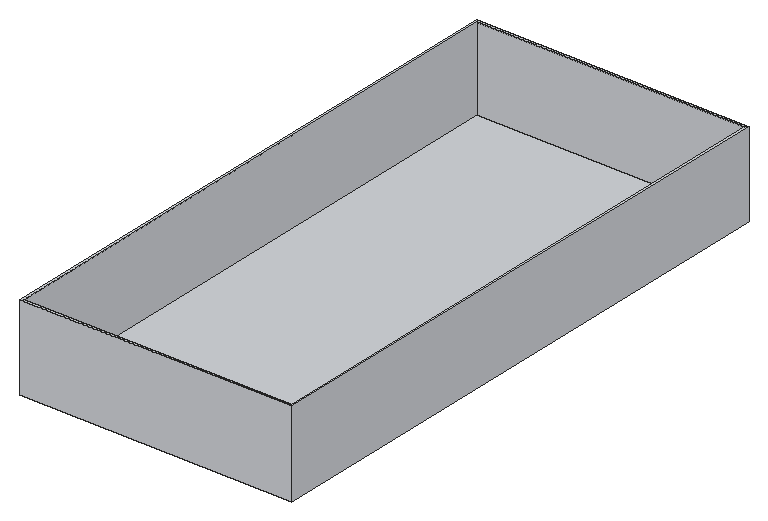
Revit family "Hager-VOLTA-Surface_mounted-IP30-Without_Cover-Without_DIN-Hosted-CH-en", category Electrical Equipment, host Face, Revit 2023
Family settings
  Host = Face
  Panel Configuration = Two Columns, Circuits Across
  Round Connector Dimension = Use Diameter
  Part Type = Panelboard
  Cut with Voids When Loaded = No
  Maintain Annotation Orientation = Yes
  Shared = No
  Room Calculation Point = No
Parameters (values of type "VOLTA-Surface_mounted_W305_H640_D96_12_Modular_Spacing-VA48MD")
  Width Control [instance] = if([HG000006-Flush mounted], if([EF000846 - Built-in width] > min_whd, [EF000846 - Built-in width], min_whd), if([EF000008 - Width] > min_whd, ([EF000008 - Width]), min_whd))  # 305 mm
  Void Depth [instance] = if([HG000006-Flush mounted], Depth Control, 1 mm)  # 1 mm
  Uniformat code = "D501001"
  Uniformat = "Low Tension Service & Dist."
  HG000131 - Functional label [instance] = ""
  HG000130 - Functional name [instance] = ""
  HG000099-Onfly Template ID = "507532"
  Type Comments = ""
  System Height [instance] = Height Control - 2 * [HG000005-Thickness]  # 636 mm
  Reference description = ""
  Reference = "VOLTA-Surface_mounted_W305_H640_D96_12_Modular_Spacing-VA48MD"
  Object type = ""
  Name hager = "ADD_Enclosures_EC000214"
  Name BIM&CO = "Electricity"
  Name = "VOLTA-Surface_mounted-IP30-Without_Cover-Without_DIN-CH"
  Model = ""
  HGEF002950-Width in number of modular spacings = 12
  HGEF000266-Number of rows = 4
  HG000060-RAL-number = "9010"
  HG000059-Operating voltage [instance] = 230 V
  HG000017-Distance between poles = 18 mm
  HG000016-Door 3D visibility = yes
  HG000015-Clearance visibility = yes
  HG000014-Door on the right = yes
  HG000013-Door on the left = not([HG000014-Door on the right])  # no
  HG000012-Door swing angle = 90.00°
  HG000011-Empty rows from bottom = no
  HG000010-Asymmetric doors = no
  HG000009-Double swing door = no
  HG000008-Number of empty rows = 0
  HG000007-Number of empty columns = 0
  HG000006-Flush mounted = no
  HG000005-Thickness = 2 mm
  HG000004-Manufacturer reference = "VA48MD"
  HG000003-Range = "VOLTA"
  HG000002-With door or cover = no
  HG000001-Number of columns = 0
  GTIN (Global Trade Item Number) = ""
  ETIM class name = "Small distribution board"
  ETIM class code = "EC000214"
  EF015941 - Signal passing door = no
  EF015777 - Neutral terminal block = no
  EF015776 - Earthing terminal block = no
  EF009212 - Cover model = "With notch"
  EF006306 - With lock = no
  EF006244 - Transparent cover/door = no
  EF005474 - Degree of protection (IP) = "IP30"
  EF004464 - Type of door = ""
  EF004462 - Type of closure = ""
  EF002950 - Width in number of modular spacings = 12
  EF001596 - Housing material = ""
  EF001134 - DIN-rail = no
  EF001131 - Inner depth = 0 mm
  EF001088 - Extension possible = yes
  EF001062 - EMC-version = no
  EF000846 - Built-in width = 0 mm
  EF000339 - Type of covering = ""
  EF000332 - Built-in height = 0 mm
  EF000266 - Number of rows = 4
  EF000218 - Built-in depth = 0 mm
  EF000118 - With mounting plate = yes
  EF000116 - RAL-number = 9010
  EF000049 - Depth = 96 mm
  EF000040 - Height = 640 mm
  EF000024 - UV resistant = no
  EF000008 - Width = 305 mm
  EF000007 - Colour = "White"
  EF000003 - Mounting method = "Surface mounted"
  Creation Date = "12/15/2025 21:43:52"
  Code hager = "ADD-EC000214_EU"
  BIM&CO code = ""
  BC_VARIANT_ID = "1174158"
  BC_OBJECT_VERSION = "#9"  # constant formula
  BC_OBJECT_ID = "513473"  # constant formula
  BC_MODEL_ID = "1547147"  # constant formula
  Arrow Offset [instance] = Depth Control / 8  # 12 mm
  Arrow Height [instance] = Depth Control - Arrow Offset  # 84 mm
  Host Offset [instance] = if([HG000006-Flush mounted], 0 mm, [EF000049 - Depth])  # 96 mm
  min_whd [instance] = (2 * [HG000005-Thickness]) + 1 mm  # 5 mm
  Manufacturer = "Hager"  # constant formula
  Height Control [instance] = if([HG000006-Flush mounted], if([EF000332 - Built-in height] > min_whd, [EF000332 - Built-in height], min_whd), if([EF000040 - Height] > min_whd, ([EF000040 - Height]), min_whd))  # 640 mm
  Flush Mounted - Door Frame Width [instance] = if(([EF000040 - Height] - [EF000332 - Built-in height]) > 0 mm, if([HG000006-Flush mounted], [EF000040 - Height] - [EF000332 - Built-in height], 0 mm), 0 mm)  # 0 mm
  Depth Control [instance] = if([HG000006-Flush mounted], if([EF000218 - Built-in depth] > 0 mm, [EF000218 - Built-in depth], 1 mm), if([EF000049 - Depth] > 0 mm, ([EF000049 - Depth]), 1 mm))  # 96 mm
  Default Elevation = 0 mm
Reference planes
  plane 1 "Center (Front/Back)": y = 0
  plane 2: z = 0
  plane 3 "Center (Left/Right)": x = 0
  plane 4: z = 96
  plane 5: y = 2
  plane 6: z = 91
  plane 7: y = 320
  plane 8: y = 0
  plane 9: y = 640
  plane 10: z = 0
  plane 11: x = -152.5
  plane 12: x = 152.5
  plane 13: x = 150.5
  plane 14: x = -150.5
  plane 15: y = 638
  plane 16: z = 2
  plane 17: z = 94
  plane 18: z = -1
  plane 19: z = 94
  plane 20 "Annotation H": y = -100
  plane 21 "Annotation V": x = 452.5
Forms (mm)
  Extrusion 1, solid
    sketch origin (-583.045, 0, 1219.2) x (-1, 0, 0) y (0, 0, 1)
      loop
        line (-430.545, -1123.2) -> (-735.545, -1123.2) -> (-735.545, -1219.2) -> (-430.545, -1219.2) -> (-430.545, -1123.2)
    from 0 to 640 <- "Height Control"
  Extrusion 2, void
    sketch origin (-381.607, -4572, 96) x (0, -1, 0) y (-1, 0, 0)
      loop
        line (-5210, -231.107) -> (-5210, -532.107) -> (-4574, -532.107) -> (-4574, -231.107) -> (-5210, -231.107)
    from 0 to 94
  Extrusion 3, void
    sketch origin (0, 0, 0) x (1, 0, 0) y (0, 1, 0)
      loop
        line (-152.5, 0) -> (152.5, 0) -> (152.5, 640) -> (-152.5, 640) -> (-152.5, 0)
    from -1 to 1
  Extrusion 4, solid, detail levels coarse+medium
    sketch origin (-381.607, -4572, 96) x (-1, 0, 0) y (0, -1, 0)
      loop
        line (-231.107, -5210) -> (-231.107, -4574) -> (-532.107, -4574) -> (-532.107, -5210) -> (-231.107, -5210)
    from 0 to -2
Cuts and joins
  Extrusion 2 cuts Extrusion 1
Dimensions and locks
  plane 4 to plane 6 = 5 mm
  "Host Offset": plane 4 to host face
  "Flush Mounted - Door Frame Width": plane 1 "Center (Front/Back)" to plane 8
  "HG000005-Thickness": plane 5 to plane 8
  locked: connector elem to plane 3 "Center (Left/Right)"
  "Height Control": plane 9 to plane 8
  equal spacing: plane 9, plane 7, plane 8
  locked: connector elem to plane 7
  "Depth Control": plane 4 to plane 10
  "HG000005-Thickness": plane 11 to plane 14
  "HG000005-Thickness": plane 12 to plane 13
  equal spacing: plane 11, plane 3 "Center (Left/Right)", plane 12
  "Width Control": plane 11 to plane 12
  "Arrow Offset": nested 4 to plane 10
  "HG000005-Thickness": plane 9 to plane 15
  "HG000005-Thickness": plane 16 to plane 10
  "HG000005-Thickness": plane 4 to plane 17
  "Void Depth": plane 2 to plane 18
  "HG000005-Thickness": plane 4 to plane 19
  locked: plane 20 "Annotation H" to plane 1 "Center (Front/Back)" at 100
  locked: plane 12 to plane 21 "Annotation V" at 300
  aligned and locked: plane 2 to host face
  aligned and locked: level to host face
  aligned and locked: plane 3 "Center (Left/Right)" to nested 2
  aligned and locked: plane 4 to nested 2
  aligned and locked: nested 2 to plane 8
  aligned and locked: nested 1 to plane 6
  aligned and locked: plane 5 to nested 1
  aligned and locked: nested 4 to plane 11
  aligned and locked: nested 3 to plane 4
  aligned and locked: Extrusion 1 sketch curve to plane 12
  aligned and locked: Extrusion 1 sketch curve to plane 11
  aligned and locked: nested 3 to plane 10
  aligned and locked: plane 10 to Extrusion 1 sketch curve
  aligned and locked: plane 5 to Extrusion 2 sketch curve
  aligned and locked: Extrusion 2 sketch curve to plane 15
  aligned and locked: Extrusion 2 sketch curve to plane 14
  aligned and locked: Extrusion 2 sketch curve to plane 13
  aligned and locked: plane 11 to Extrusion 3 sketch curve
  aligned and locked: plane 9 to Extrusion 3 sketch curve
  aligned and locked: Extrusion 3 sketch curve to plane 8
  aligned and locked: plane 12 to Extrusion 3 sketch curve
  aligned and locked: nested 3 to plane 12
  aligned and locked: Extrusion 3 to plane 18
  aligned and locked: Extrusion 2 to plane 16
  aligned and locked: Extrusion 1 sketch curve to plane 4
  aligned and locked: Extrusion 4 to plane 17
  aligned and locked: Extrusion 4 sketch curve to plane 15
  aligned and locked: Extrusion 4 sketch curve to plane 13
  aligned and locked: Extrusion 4 sketch curve to plane 14
  aligned and locked: plane 5 to Extrusion 4 sketch curve
  aligned and locked: nested 5 to plane 21 "Annotation V"
  aligned and locked: plane 20 "Annotation H" to nested 5
Automatic sketch dimensions
  host sketch curve to host sketch curve = 1469.727 mm
  host sketch curve to host sketch curve = 1434.803 mm
Nested families
  nested 1: "Hager_Enclosure_System" at (0, 2, 91) x (1, 0, 0) z (0, 1, 0), Depth <- "HG000005-Thickness", Height <- "System Height", Border <- "HG000005-Thickness", Flush_Mounted <- "HG000006-Flush mounted", Row_Module_Multiplicator <- "HGEF002950-Width in number of modular spacings", Total_No_Empty_Rows <- "HG000008-Number of empty rows", Total_No_Rows <- "HGEF000266-Number of rows", Empty_Columns <- "HG000007-Number of empty columns", Width_Control <- "Width Control", Empty_Rows_From_Bottom <- "HG000011-Empty rows from bottom", Distance_Between_Poles <- "HG000017-Distance between poles", Rows_Count <- "HGEF000266-Number of rows", Columns_Count <- "HG000001-Number of columns", Built-in_Width <- "EF000846 - Built-in width", Width <- "EF000008 - Width", type "Hager_Enclosure_System", detail levels fine
    with Width_Control 305 mm, Width 305 mm, Total_No_Rows 4, Total_No_Empty_Rows 0, Total_No_Columns 1, System_Width 301 mm, Rows_Count 4, Rows_Column 4, Row_Module_Multiplicator 12, Panel_4 no, Panel_3 no, Panel_2 no, Panel_1 no, No_Panels_Ctrl 1, Hide_Columns yes, Height 636 mm, Flush_Mounted no, Empty_Rows_From_Bottom no, Empty_Rows_Column 0, Empty_Columns 0, Empty column 4 0, Empty column 3 0, Empty column 2 0, Empty column 1 0, Distance_Between_Poles 18 mm, Depth 2 mm, Columns_Count 0, Column_Width 301 mm, Built-in_Width 0 mm, Border 2 mm
  nested 2: "Hager_Enclosure_Door" at (0, 0, 96) x (1, 0, 0) z (0, 1, 0), Border <- "HG000005-Thickness", Door_Right <- "HG000014-Door on the right", Flush_Mounted <- "HG000006-Flush mounted", Door_Left <- "HG000013-Door on the left", 3d_Door <- "HG000016-Door 3D visibility", Angle <- "HG000012-Door swing angle", Assymetrical <- "HG000010-Asymmetric doors", Double <- "HG000009-Double swing door", Clearance <- "HG000015-Clearance visibility", Door <- "HG000002-With door or cover", Height_Ctrl <- "Height Control", Width_Ctrl <- "Width Control", BuiltIn_Depth <- "EF000218 - Built-in depth", Depth <- "EF000049 - Depth", BuiltIn_Width <- "EF000846 - Built-in width", Height <- "EF000040 - Height", BuiltIn_Height <- "EF000332 - Built-in height", Width <- "EF000008 - Width", Transparent <- "EF006244 - Transparent cover/door", type "Hager_Enclosure_Door", detail levels medium+fine
    with min_wh 5 mm, Width_Ctrl 305 mm, Width 305 mm, Transparent_Door_No_Bottom_Border no, Transparent no, Leaf_Width 298 mm, Leaf_Tolerance 1.5 mm, Leaf_Height 633 mm, Leaf_2_Width 298 mm, Leaf_2_Offset 149 mm, Leaf_1_Width 298 mm, Leaf_1_Offset 149 mm, Height_Ctrl 640 mm, Height 640 mm, Frame_Width_Ctrl 305 mm, Frame_Width 305 mm, Frame_Internal_Offset 0 mm, Frame_Height_Ctrl 640 mm, Frame_Height 640 mm, Frame_Depth_Ctrl 1 mm, Frame_Depth 0 mm, Flush_Mounted no, Double_Clearance_Ctrl no, Double no, Door_Right_Ctrl no, Door_Right yes, Door_Left_Ctrl no, Door_Left no, Door no, Depth 96 mm, Clearance_Depth 298 mm, Clearance_Ctrl yes, Clearance yes, BuiltIn_Width 0 mm, BuiltIn_Height 0 mm, BuiltIn_Depth 0 mm, Border 2 mm, Assymetrical no, Angle 90.00°, 3d_Door yes
  nested 3: "Hager_Enclosure_Symbol_Triangle" at (-152.5, 0, 0) x (1, 0, 0) z (0, -1, 0), Depth <- "Depth Control", Width <- "Width Control", type "Hager_Enclosure_Symbol_Triangle"
    with Width_Ctrl 305 mm, Width 305 mm, Depth_Ctrl 96 mm, Depth 96 mm
  nested 4: "Hager_Enclosure_Symbol_Arrow" at (-152.5, 0, 12) x (1, 0, 0) z (0, -1, 0), Height <- "Arrow Height", type "Hager_Enclosure_Symbol_Arrow"
    with Width_Inside 6.3 mm, Width 75.6 mm, Height_Ctrl 84 mm, Height 84 mm
  nested 5: "Hager_Annotation-HG000130" at (452.5, -100, 0) x (-1, 0, 0) z (0, 0, 1), HG000130 - Functional name <- "HG000130 - Functional name", type "Hager_Annotation-HG000130"
    with HG000130 - Functional name ""
Connectors
  electrical at (0, 320, 0)
    settings: on plane 10, index 1, voltage 0 V, apparent load 0 VA, apparent load phase1 0 VA, apparent load phase2 0 VA, apparent load phase3 0 VA, power factor 1, load classification "Other", number of poles 1, system type 30, power factor state 1, is connector primary yes, connector utility no, sub classification motor no, connector description ""
Definition of nested family "Hager_Enclosure_Door"
  Parameters (values of type "Hager_Enclosure_Door")
    min_wh [instance] = (2 * Border) + 1 mm  # 11 mm
    Width_Ctrl [instance] = 400 mm
    Width [instance] = 500 mm
    Transparent_Door_No_Bottom_Border [instance] = no
    Transparent [instance] = yes
    Leaf_Width [instance] = if((Width_Ctrl - 2 * Border - 2 * Leaf_Tolerance) > 0 mm, (Width_Ctrl - 2 * Border - 2 * Leaf_Tolerance), min_wh)  # 387 mm
    Leaf_Tolerance [instance] = 1.5 mm  # constant formula
    Leaf_Height [instance] = if((Height_Ctrl - 2 * Border - 2 * Leaf_Tolerance) > 0 mm, (Height_Ctrl - 2 * Border - 2 * Leaf_Tolerance), min_wh)  # 387 mm
    Leaf_2_Width [instance] = if(and(and(Double, Assymetrical), Door_Left), (Leaf_Width / 3) - (Leaf_Tolerance / 2), if(and(and(Double, Assymetrical), Door_Right), (Leaf_Width / 3) * 2 - (Leaf_Tolerance / 2), if(and(Double, not(Assymetrical)), (Leaf_Width / 2) - Leaf_Tolerance, Leaf_Width)))  # 387 mm
    Leaf_2_Offset [instance] = if(and(Double, Assymetrical), Leaf_2_Width / 2, if(and(Double, not(Assymetrical)), Leaf_Width / 4, Leaf_Width / 2))  # 193.5 mm
    Leaf_1_Width [instance] = if(and(and(Double, Assymetrical), Door_Right), (Leaf_Width / 3) - (Leaf_Tolerance / 2), if(and(and(Double, Assymetrical), Door_Left), (Width / 3) * 2 - (Leaf_Tolerance / 2), if(and(Double, not(Assymetrical)), (Leaf_Width / 2) - Leaf_Tolerance, Leaf_Width)))  # 387 mm
    Leaf_1_Offset [instance] = if(and(Double, Assymetrical), Leaf_1_Width / 2, if(and(Double, not(Assymetrical)), Leaf_Width / 4, Leaf_Width / 2))  # 193.5 mm
    Height_Ctrl [instance] = 400 mm
    Height [instance] = 500 mm
    Frame_Width_Ctrl [instance] = if(Frame_Width > 0 mm, Frame_Width, 1 mm)  # 1 mm
    Frame_Width [instance] = Width - BuiltIn_Width  # 0 mm
    Frame_Internal_Offset [instance] = if(Flush_Mounted, Border, 0 mm)  # 5 mm
    Frame_Height_Ctrl [instance] = if(Frame_Height > 0 mm, Frame_Height, 1 mm)  # 1 mm
    Frame_Height [instance] = Height - BuiltIn_Height  # 0 mm
    Frame_Depth_Ctrl [instance] = if(Frame_Depth > 0 mm, Frame_Depth, 1 mm)  # 1 mm
    Frame_Depth [instance] = if(Depth - BuiltIn_Depth > 0 mm, if(Flush_Mounted, Depth - BuiltIn_Depth, 0 mm), 0 mm)  # 0 mm
    Flush_Mounted [instance] = yes
    Double_Clearance_Ctrl [instance] = and(Double, Clearance)  # no
    Double [instance] = no
    Door_Right_Ctrl [instance] = and(or(Door_Right, Double), Door)  # yes
    Door_Right [instance] = yes
    Door_Left_Ctrl [instance] = and(or(Door_Left, Double), Door)  # no
    Door_Left [instance] = no
    Door [instance] = yes
    Depth [instance] = 500 mm
    Default Elevation = 1219.2 mm
    Clearance_Material = none
    Clearance_Depth [instance] = if(Leaf_1_Width > Leaf_2_Width, Leaf_1_Width, Leaf_2_Width)  # 387 mm
    Clearance_Ctrl [instance] = and(not(Double), Clearance)  # yes
    Clearance [instance] = yes
    BuiltIn_Width [instance] = 500 mm
    BuiltIn_Height [instance] = 500 mm
    BuiltIn_Depth [instance] = 500 mm
    Border [instance] = 5 mm
    Assymetrical [instance] = yes
    Angle [instance] = 30.00°
    3d_Door [instance] = yes
  Reference planes
    plane 1 "Center (Front/Back)": y = 0
    plane 2 "Bottom": z = 0
    plane 3 "Center (Left/Right)": x = 0
    plane 4: z = 400
    plane 5: x = -200
    plane 6: x = 200
    plane 7: z = 395
    plane 8: x = -195
    plane 9: z = 5
    plane 10: x = 195
    plane 11: y = 0
    plane 12: z = 6.5
    plane 13: x = -582
    plane 14: y = -387
    plane 15: x = 582
    plane 16: x = 0
    plane 17: x = 0
    plane 18: x = -193.5
    plane 19: x = 193.5
    plane 20: z = 393.5
  Forms (mm)
    Extrusion 1, solid, visible <- "Flush_Mounted"
      sketch origin (0, 0, 0) x (1, 0, 0) y (0, 0, 1)
        loop
          line (195, 5) -> (195, 395) -> (-195, 395) -> (-195, 5) -> (195, 5)
        loop
          line (-201, 401) -> (-201, -1) -> (201, -1) -> (201, 401) -> (-201, 401)
      from 0 to 1 <- "Frame_Depth_Ctrl"
    Extrusion 2, solid, material <- "Clearance_Material", visible <- "Double_Clearance_Ctrl"
      sketch origin (1200, 0, 0) x (1, 0, 0) y (0, 0, -1)
        loop
          line (-1782, -393.5) -> (-618, -393.5) -> (-618, 0) -> (-1782, 0) -> (-1782, -393.5)
      from 0 to -387
  Dimensions and locks
    equal spacing: plane 5, plane 3 "Center (Left/Right)", plane 6
    "Width_Ctrl": plane 5 to plane 6
    "Border": plane 5 to plane 8
    "Border": plane 6 to plane 10
    "Border": plane 9 to level
    "Border": plane 4 to plane 7
    "Height_Ctrl": plane 4 to level
    "Leaf_Tolerance": plane 12 to plane 9
    "Frame_Depth": plane 11 to plane 1 "Center (Front/Back)"
    "Frame_Width_Ctrl": plane 5 to Extrusion 1 sketch curve
    "Frame_Width_Ctrl": plane 6 to Extrusion 1 sketch curve
    "Frame_Width_Ctrl": Extrusion 1 sketch curve to plane 4
    "Frame_Width_Ctrl": plane 2 "Bottom" to Extrusion 1 sketch curve
    "Leaf_1_Offset": plane 18 to plane 16
    "Leaf_2_Offset": plane 17 to plane 19
    "Leaf_1_Width": plane 13 to plane 8
    "Leaf_2_Width": plane 10 to plane 15
    "Clearance_Depth": plane 14 to plane 1 "Center (Front/Back)"
    "Leaf_Tolerance": plane 8 to plane 18
    "Leaf_Tolerance": plane 19 to plane 10
    "Leaf_Tolerance": plane 7 to plane 20
    "Frame_Internal_Offset": plane 5 to Extrusion 1 sketch curve
    "Frame_Internal_Offset": Extrusion 1 sketch curve to plane 2 "Bottom"
    "Frame_Internal_Offset": plane 6 to Extrusion 1 sketch curve
    "Frame_Internal_Offset": plane 4 to Extrusion 1 sketch curve
    aligned and locked: level to plane 2 "Bottom"
    aligned and locked: nested 1 to plane 16
    aligned and locked: nested 2 to plane 17
    aligned and locked: Extrusion 2 to plane 13
    aligned and locked: plane 15 to Extrusion 2
    aligned and locked: Extrusion 2 to plane 14
    aligned and locked: plane 12 to nested 1
    aligned and locked: nested 2 to plane 12
    aligned and locked: Extrusion 2 to plane 11
    aligned and locked: plane 20 to Extrusion 2
    aligned and locked: nested 2 to plane 11
    aligned and locked: nested 1 to plane 11
  Automatic sketch dimensions
    Extrusion 2 sketch curve to level = 0 mm
    plane 5 to Extrusion 2 sketch curve = 382 mm
    plane 6 to Extrusion 2 sketch curve = 382 mm
    Extrusion 2 sketch curve to plane 4 = 6.5 mm
  Nested families
    nested 1: "Hager_Enclosure_Door_Leaf" at (0, 0, 6.5), Width <- "Leaf_1_Width", visible <- "Door_Left_Ctrl", Leaf_Height <- "Leaf_Height", Angle <- "Angle", Depth <- "Border", 3d_Door <- "3d_Door", Transparent <- "Transparent", Clearance Material <- "Clearance_Material", Clearance <- "Clearance_Ctrl", Transparent_Door_No_Bottom_Border <- "Transparent_Door_No_Bottom_Border", type "Hager_Enclosure_Door_Leaf"
      with Width 387 mm, Transparent_Door_No_Bottom_Border no, Transparent_Door_Border_Bottom_Top 25 mm, Transparent_Door_Border 25 mm, Transparent_Ctrl yes, Transparent yes, Standard no, Leaf_Height 387 mm, Glass_Offset 1 mm, Depth 5 mm, Clearance Material none, Clearance yes, Angle_Ctrl 30.00°, Angle 30.00°, 3d_Door yes
    nested 2: "Hager_Enclosure_Door_Leaf" at (0, 0, 6.5) x (-1, 0, 0) z (0, 0, 1), Width <- "Leaf_2_Width", visible <- "Door_Right_Ctrl", Leaf_Height <- "Leaf_Height", Angle <- "Angle", Depth <- "Border", 3d_Door <- "3d_Door", Transparent <- "Transparent", Clearance Material <- "Clearance_Material", Clearance <- "Clearance_Ctrl", Transparent_Door_No_Bottom_Border <- "Transparent_Door_No_Bottom_Border", type "Hager_Enclosure_Door_Leaf"
      with Width 387 mm, Transparent_Door_No_Bottom_Border no, Transparent_Door_Border_Bottom_Top 25 mm, Transparent_Door_Border 25 mm, Transparent_Ctrl yes, Transparent yes, Standard no, Leaf_Height 387 mm, Glass_Offset 1 mm, Depth 5 mm, Clearance Material none, Clearance yes, Angle_Ctrl 30.00°, Angle 30.00°, 3d_Door yes
  Definition of nested family "Hager_Enclosure_Door_Leaf"
    Parameters (values of type "Hager_Enclosure_Door_Leaf")
      Width [instance] = 2000 mm
      Transparent_Door_No_Bottom_Border [instance] = yes
      Transparent_Door_Border_Bottom_Top [instance] = if(Transparent_Door_No_Bottom_Border, 0.1 mm, Transparent_Door_Border)  # 0.1 mm
      Transparent_Door_Border [instance] = if(Transparent_Door_No_Bottom_Border, (Width * 0.12), 25 mm)  # 240 mm
      Transparent_Ctrl [instance] = and(Transparent, [3d_Door])  # yes
      Transparent [instance] = yes
      Standard [instance] = and(not(Transparent), [3d_Door])  # no
      Leaf_Height [instance] = 2720.336 mm
      Glass_Offset [instance] = if((Depth - 10 mm) / 2 > 0 mm, (Depth - 10 mm) / 2, 1 mm)  # 15 mm
      Glass_Material = none
      Depth [instance] = 40 mm
      Default Elevation = 0 mm
      Clearance Material [instance] = none
      Clearance [instance] = yes
      Angle_Ctrl [instance] = if(Angle > 170.00°, 170.00°, Angle)  # 45.00°
      Angle [instance] = 45.00°
      3d_Door [instance] = yes
    Reference planes
      plane 1 "Center (Front/Back)": y = 0
      plane 2: z = 0
      plane 3 "Center (Left/Right)": x = 0
      plane 4: y = 2000
      plane 5: x = -1000
      plane 6: x = 1000
      plane 7: x = -3000
      plane 8: z = 2720.336
      plane 9: z = 0.1
      plane 10: z = 2720.236
      plane 11: x = 760
      plane 12: x = -760
    Forms (mm)
      Extrusion 1, solid, material <- "Clearance Material", visible <- "Clearance"
        sketch origin (0, 0, 0) x (1, 0, 0) y (0, 0, 1)
          loop
            line (-3000, 2720.336) -> (-3000, 0) -> (1000, 0) -> (1000, 2720.336) -> (-3000, 2720.336)
        from 0 to -2000
      Extrusion 2, solid, visible <- "Standard", detail levels medium+fine
        sketch origin (-1000, 0, 0) x (0.707107, 0.707107, 0) y (-0.707107, 0.707107, 0)
          loop
            line (0, -40) -> (2000, -40) -> (2000, 0) -> (0, 0) -> (0, -40)
        from 0 to 2720.336 <- "Leaf_Height"
      Extrusion 3, solid, visible <- "Transparent_Ctrl", detail levels medium+fine
        sketch origin (-1000, 0, 0) x (0.707107, 0.707107, 0) y (-0.707107, 0.707107, 0)
          loop
            line (0, -40) -> (2000, -40) -> (2000, 0) -> (0, 0) -> (0, -40)
        from 0 to 2720.336 <- "Leaf_Height"
      Extrusion 4, void, detail levels medium+fine
        sketch origin (-1000, 0, 0) x (-0.707107, 0.707107, 0) y (0.707107, 0.707107, 0)
          loop
            line (0, 240) -> (0, 1760) -> (-40, 1760) -> (-40, 240) -> (0, 240)
        from -2720.236 to -0.1
      Extrusion 5, solid, material <- "Glass_Material", visible <- "Transparent_Ctrl", detail levels medium+fine
        sketch origin (-1000, 0, 0) x (0.707107, 0.707107, 0) y (-0.707107, 0.707107, 0)
          loop
            line (240, -15) -> (240, -25) -> (1760, -25) -> (1760, -15) -> (240, -15)
        from 0.1 to 2720.236
    Cuts and joins
      Extrusion 4 cuts Extrusion 3
    Lines and regions (mm)
      symbolic lines
        curve 1: line (1000, 0, 0) -> (-3000, 0, 0)
        curve 2: arc (1000, 0, 0) -> (-1000, 2000, 0) -> (-3000, 0, 0) r 2000
        curve 4: line (-1000, 0, 0) -> (414.214, 1414.214, 0)
      reference lines
        curve 3: line (-1000, 0, 0) -> (414.214, 1414.214, 0)
      symbolic lines, detail levels medium+fine
        curve 5: line (414.214, 1414.214, 0) -> (442.498, 1385.929, 0)
        curve 6: line (442.498, 1385.929, 0) -> (-971.716, -28.284, 0)
        curve 7: line (-971.716, -28.284, 0) -> (-1000, 0, 0)
        curve 8: line (-1000, 0, 2720.336) -> (1000, 0, 2720.336)
        curve 9: line (-1000, 0, 0) -> (-1000, 0, 2720.336)
        curve 10: line (1000, 0, 0) -> (-1000, 0, 0)
        curve 11: line (1000, 0, 2720.336) -> (1000, 0, 0)
      symbolic lines, visible <- "Transparent_Ctrl", detail levels medium+fine
        curve 12: line (-760, 0, 2720.236) -> (760, 0, 2720.236)
        curve 13: line (-760, 0, 0.1) -> (-760, 0, 2720.236)
        curve 14: line (760, 0, 0.1) -> (-760, 0, 0.1)
        curve 15: line (760, 0, 2720.236) -> (760, 0, 0.1)
    Dimensions and locks
      "Width": plane 1 "Center (Front/Back)" to plane 4
      equal spacing: plane 5, plane 3 "Center (Left/Right)", plane 6
      "Width": plane 5 to plane 6
      "Width": plane 7 to plane 5
      "Leaf_Height": plane 8 to level
      "Depth": curve 6 to curve 3
      "Width": curve 5 to curve 3
      "Width": curve 3 to curve 3
      "Transparent_Door_Border": Extrusion 4 sketch curve to curve 7
      "Transparent_Door_Border": Extrusion 4 sketch curve to curve 5
      "Transparent_Door_Border_Bottom_Top": plane 8 to plane 10
      "Transparent_Door_Border_Bottom_Top": plane 9 to level
      "Glass_Offset": Extrusion 5 sketch curve to curve 4
      "Glass_Offset": Extrusion 5 sketch curve to curve 6
      "Transparent_Door_Border": Extrusion 5 sketch curve to curve 5
      "Transparent_Door_Border": Extrusion 5 sketch curve to curve 7
      "Transparent_Door_Border": plane 12 to plane 5
      "Transparent_Door_Border": plane 6 to plane 11
      "Angle_Ctrl": angle plane 1 "Center (Front/Back)" to curve 3
      aligned and locked: level to plane 2
      aligned and locked: Extrusion 1 to curve 1
      aligned and locked: plane 6 to Extrusion 1
      aligned and locked: Extrusion 1 to plane 1 "Center (Front/Back)"
      aligned and locked: plane 4 to Extrusion 1
      aligned and locked: plane 8 to Extrusion 1
      aligned and locked: curve 4 to curve 3
      aligned and locked: Extrusion 2 sketch curve to curve 7
      aligned and locked: Extrusion 2 sketch curve to curve 6
      aligned and locked: Extrusion 2 sketch curve to curve 5
      aligned and locked: Extrusion 2 sketch curve to curve 3
      aligned and locked: curve 7 to Extrusion 3 sketch curve
      aligned and locked: Extrusion 3 sketch curve to curve 4
      aligned and locked: Extrusion 3 sketch curve to curve 6
      aligned and locked: Extrusion 3 sketch curve to curve 5
      aligned and locked: curve 4 to Extrusion 4 sketch curve
      aligned and locked: curve 6 to Extrusion 4 sketch curve
      aligned and locked: Extrusion 4 to plane 9
      aligned and locked: Extrusion 4 to plane 10
      aligned and locked: Extrusion 5 to plane 9
      aligned and locked: Extrusion 5 to plane 10
      aligned and locked: curve 8 to plane 8
      aligned and locked: plane 5 to curve 9
      aligned and locked: plane 2 to curve 10
      aligned and locked: curve 11 to plane 6
      aligned and locked: plane 10 to curve 12
      aligned and locked: plane 12 to curve 13
      aligned and locked: curve 14 to plane 9
      aligned and locked: plane 11 to curve 15
    Automatic sketch dimensions
      plane 1 "Center (Front/Back)" to curve 2 = 0 mm
      curve 2 to plane 5 = 0 mm
      Extrusion 1 sketch curve to level = 0 mm
      Extrusion 1 sketch curve to plane 7 = 0 mm
      Extrusion 1 sketch curve to plane 6 = 0 mm
      Extrusion 1 sketch curve to plane 8 = 0 mm
      plane 1 "Center (Front/Back)" to curve 3 = 0 mm
      curve 3 to plane 5 = 0 mm
      curve 7 to curve 3 = 0 mm
Definition of nested family "Hager_Enclosure_Symbol_Triangle"
  Parameters (values of type "Hager_Enclosure_Symbol_Triangle")
    Width_Ctrl [instance] = if(Width > 1 mm, Width, 1 mm)  # 498 mm
    Width [instance] = 498 mm
    Depth_Ctrl [instance] = if(Depth > 1 mm, Depth, 1 mm)  # 72 mm
    Depth [instance] = 72 mm
  Reference planes
    plane 1 "Centre (avant/arrière)": y = 0
    plane 2: z = 0
    plane 3 "Centre (gauche/droite)": x = 0
  Lines and regions (mm)
    Filled region 1, type "Solid_Black", in view "Niveau de réf."
      outline origin (0, 0, 0) x (1, 0, 0) y (0, 1, 0)
        loop
          line (0, 0) -> (498, 0) -> (498, 72) -> (0, 0)
    reference lines, in view "Niveau de réf."
      curve 1: line (-206.153, 72, 0) -> (1083.258, 72, 0)
      curve 2: line (498, 405.456, 0) -> (498, -517.619, 0)
  Dimensions and locks
    "Depth_Ctrl": plane 1 "Centre (avant/arrière)" to curve 1
    "Width_Ctrl": plane 3 "Centre (gauche/droite)" to curve 2
    aligned and locked: curve 1 to Filled region 1 sketch curve
    aligned and locked: Filled region 1 sketch curve to plane 1 "Centre (avant/arrière)"
    aligned and locked: curve 2 to Filled region 1 sketch curve
    aligned and locked: plane 3 "Centre (gauche/droite)" to Filled region 1 sketch curve
    aligned and locked: plane 1 "Centre (avant/arrière)" to Filled region 1 sketch curve
  Automatic sketch dimensions
    curve 1 to plane 3 "Centre (gauche/droite)" = 206.153 mm
    curve 2 to curve 1 = 585.258 mm
    plane 1 "Centre (avant/arrière)" to curve 2 = 517.619 mm
    curve 2 to plane 1 "Centre (avant/arrière)" = 405.456 mm
Definition of nested family "Hager_Enclosure_Symbol_Arrow"
  Parameters (values of type "Hager_Enclosure_Symbol_Arrow")
    Width_Inside [instance] = if(Width / 12 > 2 mm, Width / 12, 2 mm)  # 4.987 mm
    Width [instance] = if(Height_Ctrl * 0.9 > 2 mm, Height_Ctrl * 0.9, 2 mm)  # 59.85 mm
    Height_Ctrl [instance] = if(Height > 2 mm, Height, 2 mm)  # 66.5 mm
    Height [instance] = 66.5 mm
  Reference planes
    plane 1 "Centre (avant/arrière)": y = 0
    plane 2: z = 0
    plane 3 "Centre (gauche/droite)": x = 0
    plane 4: x = 59.85
    plane 5: y = 28.263
    plane 6: y = 38.238
    plane 7: y = 66.5
    plane 8: x = 29.925
    plane 9: y = 33.25
  Lines and regions (mm)
    Filled region 1, type "Solid_Black", in view "Niveau de réf."
      outline origin (0, 0, 0) x (1, 0, 0) y (0, 1, 0)
        loop
          line (59.85, 66.5) -> (37.929, 52.827) -> (51.846, 41.935) -> (59.85, 66.5)
    detail lines, in view "Niveau de réf."
      curve 1: line (0, 0, 0) -> (29.925, 38.238, 0)
      curve 2: line (29.925, 38.238, 0) -> (29.925, 28.263, 0)
      curve 3: line (29.925, 28.263, 0) -> (59.85, 66.5, 0)
  Dimensions and locks
    "Width": plane 3 "Centre (gauche/droite)" to plane 4
    "Height_Ctrl": plane 7 to plane 1 "Centre (avant/arrière)"
    equal spacing: plane 3 "Centre (gauche/droite)", plane 8, plane 4
    equal spacing: plane 7, plane 9, plane 1 "Centre (avant/arrière)"
    equal spacing: plane 6, plane 9, plane 5
    "Width_Inside": plane 6 to plane 9
    equal spacing: curve 3, Filled region 1 sketch curve, Filled region 1 sketch curve
    angle Filled region 1 sketch curve to curve 3 = 20.00°
    angle curve 3 to Filled region 1 sketch curve = 20.00°
    locked: curve 3 to Filled region 1 sketch curve (angle 90.00°)
  Automatic sketch dimensions
    plane 1 "Centre (avant/arrière)" to curve 1 = 0 mm
    curve 1 to plane 3 "Centre (gauche/droite)" = 0 mm
    curve 2 to plane 6 = 0 mm
    curve 3 to plane 8 = 0 mm
    curve 3 to plane 4 = 0 mm
    curve 2 to plane 5 = 0 mm
    curve 3 to plane 7 = 0 mm
    Filled region 1 sketch curve to plane 4 = 0 mm
    Filled region 1 sketch curve to plane 7 = 0 mm
Definition of nested family "Hager_Annotation-HG000130"
  Parameters (values of type "Hager_Annotation-HG000130")
    HG000130 - Functional name [instance] = ""
  Reference planes
    plane 1: y = 0
    plane 2: x = 0
  Lines and regions (mm)
    detail lines
      curve 1: line (-27.5, 10, 0) -> (27.5, 10, 0)
      curve 2: line (-27.5, -10, 0) -> (-27.5, 10, 0)
      curve 3: line (27.5, -10, 0) -> (-27.5, -10, 0)
      curve 4: line (27.5, 10, 0) -> (27.5, -10, 0)
  Text (mm)
    label "HG000130 - Functional name" at (0.16, 0.026, 0), shows "HG000130 - Functional name"
